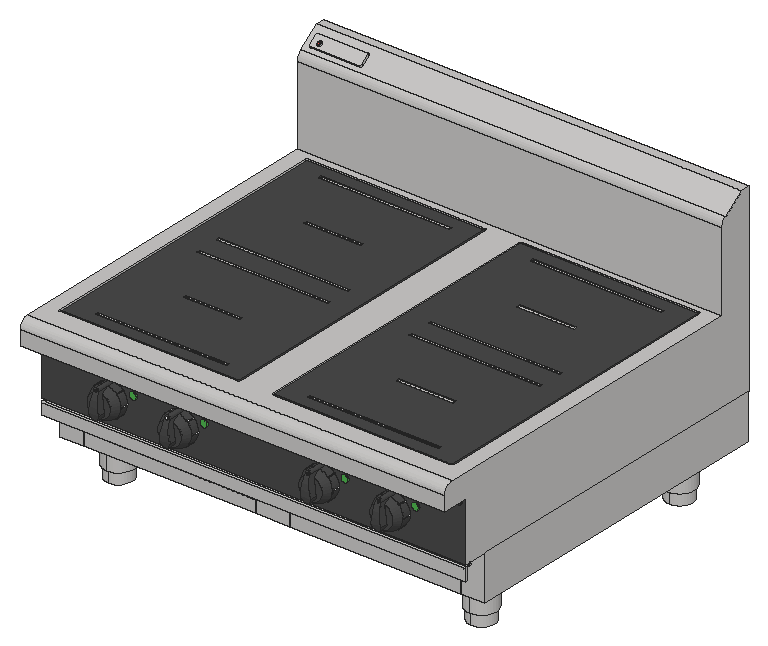
Revit family "QF_Moffat_INB8400R5-B_Induction_Cooktop_cat", category Specialty Equipment, Revit 2019 (continued)
Definition of nested family "Knob"
  Forms (mm)
    Extrusion 2, solid
      sketch origin (32.5, 175.397, 1219.2) x (0, 1, 0) y (0, 0, 1)
        loop
          line (-230.696, -1208.7) -> (-219.397, -1208.7) -> (-219.397, -1161.899) -> (-202.106, -1154.2)
      from -15 to 15
    Extrusion 3, void
      sketch origin (0, 0, 0) x (1, 0, 0) y (0, 0, 1)
        loop
          line (27.501, 64.613) -> (22.02, 20.585)
          arc (22.02, 20.585) -> (32.792, 10.488) -> (42.986, 21.169) r 10.487
          line (42.986, 21.169) -> (37.499, 64.613)
          arc (37.499, 64.613) -> (32.5, 69.5) -> (27.501, 64.613) r 5
        loop
          line (10, 72.977) -> (10, 5.625) -> (55, 5.625) -> (55, 72.977) -> (10, 72.977)
      from 6.142 to 69.687
    Extrusion 4, solid
      sketch origin (0, -34.115, -16.916) x (1, 0, 0) y (0, 0.45399, 0.891007)
        loop
          circle (32.497, 65) r 2
      from 51.525 to 53.075
    Extrusion 5, solid
      sketch origin (32.5, -10, 32.5) x (0, 0, -1) y (-1, 0, 0)
        loop
          line (-23.54, -22.408) -> (-24.106, -22.974)
          arc (-24.106, -22.974) -> (-23.547, -23.547) -> (-22.974, -24.106) r 33.3
          line (-22.974, -24.106) -> (-22.408, -23.54)
          arc (-22.408, -23.54) -> (-22.981, -22.981) -> (-23.54, -22.408) r 32.5
        loop
          arc (-0.8, -33.29) -> (0, -33.3) -> (0.8, -33.29) r 33.3
          line (0.8, -33.29) -> (0.8, -32.49)
          arc (0.8, -32.49) -> (0, -32.5) -> (-0.8, -32.49) r 32.5
          line (-0.8, -32.49) -> (-0.8, -33.29)
        loop
          arc (23.54, -22.408) -> (22.981, -22.981) -> (22.408, -23.54) r 32.5
          line (22.408, -23.54) -> (22.974, -24.106)
          arc (22.974, -24.106) -> (23.547, -23.547) -> (24.106, -22.974) r 33.3
          line (24.106, -22.974) -> (23.54, -22.408)
        loop
          arc (-23.54, 22.408) -> (-22.981, 22.981) -> (-22.408, 23.54) r 32.5
          line (-22.408, 23.54) -> (-22.974, 24.106)
          arc (-22.974, 24.106) -> (-23.547, 23.547) -> (-24.106, 22.974) r 33.3
          line (-24.106, 22.974) -> (-23.54, 22.408)
        loop
          line (-0.8, 33.29) -> (-0.8, 32.49)
          arc (-0.8, 32.49) -> (0, 32.5) -> (0.8, 32.49) r 32.5
          line (0.8, 32.49) -> (0.8, 33.29)
          arc (0.8, 33.29) -> (0, 33.3) -> (-0.8, 33.29) r 33.3
        loop
          line (32.49, -0.8) -> (33.29, -0.8)
          arc (33.29, -0.8) -> (33.3, 0) -> (33.29, 0.8) r 33.3
          line (33.29, 0.8) -> (32.49, 0.8)
          arc (32.49, 0.8) -> (32.5, 0) -> (32.49, -0.8) r 32.5
        loop
          arc (24.106, 22.974) -> (23.547, 23.547) -> (22.974, 24.106) r 33.3
          line (22.974, 24.106) -> (22.408, 23.54)
          arc (22.408, 23.54) -> (22.981, 22.981) -> (23.54, 22.408) r 32.5
          line (23.54, 22.408) -> (24.106, 22.974)
      from 0 to -16.709
  Cuts and joins
    Extrusion 3 cuts Extrusion 2
  Dimensions and locks
    equal spacing: plane 3 "LEFT", plane 7 "Center Y", plane 4 "RIGHT"
    "Length": plane 3 "LEFT" to plane 4 "RIGHT"
    equal spacing: plane 5 "FRONT", plane 8 "Center X", plane 1 "BACK"
    "Depth": plane 5 "FRONT" to plane 1 "BACK"
    "Height": plane 6 "TOP" to level
    plane 4 "RIGHT" to plane 3 "LEFT" = 65 mm
    aligned and locked: level to plane 2
  Automatic sketch dimensions
    Revolve 1 sketch curve to level = 0 mm
    Revolve 1 sketch curve to plane 1 "BACK" = 0 mm  (x2)
    plane 1 "BACK" to Revolve 1 sketch curve = 10 mm
    plane 8 "Center X" to Revolve 1 sketch curve = 2.791 mm
    Revolve 1 sketch curve to plane 8 "Center X" = 14.5 mm
    level to Revolve 1 sketch curve = 7.699 mm
    level to Revolve 1 sketch curve = 27.5 mm
    Revolve 1 sketch curve to Revolve 1 sketch curve = 5 mm
    Revolve 1 sketch curve to Revolve 1 sketch curve = 35 mm
    Revolve 1 sketch curve to Revolve 1 sketch curve = 0 mm
    Extrusion 2 sketch curve to plane 6 "TOP" = 0 mm
    Extrusion 2 sketch curve to plane 5 "FRONT" = 3.702 mm
    Extrusion 2 sketch curve to plane 5 "FRONT" = 10.293 mm
    Extrusion 2 sketch curve to Extrusion 2 sketch curve = 11.298 mm
    plane 8 "Center X" to Extrusion 2 sketch curve = 2.791 mm
    plane 1 "BACK" to Extrusion 2 sketch curve = 10 mm
    Extrusion 2 sketch curve to plane 1 "BACK" = 11 mm
    Extrusion 2 sketch curve to plane 6 "TOP" = 4.5 mm
    Extrusion 2 sketch curve to plane 6 "TOP" = 12.199 mm
    level to Extrusion 2 sketch curve = 32.962 mm
    level to Extrusion 3 sketch curve = 5.625 mm
    Extrusion 3 sketch curve to plane 7 "Center Y" = 0 mm  (x2)
    Extrusion 3 sketch curve to plane 7 "Center Y" = 4.999 mm
    Extrusion 3 sketch curve to plane 7 "Center Y" = 10.48 mm
    plane 6 "TOP" to Extrusion 3 sketch curve = 3.477 mm
    plane 3 "LEFT" to Extrusion 3 sketch curve = 10 mm
    Extrusion 3 sketch curve to plane 6 "TOP" = 4.887 mm
    Extrusion 3 sketch curve to Extrusion 3 sketch curve = 4.999 mm
    plane 7 "Center Y" to Extrusion 3 sketch curve = 10.486 mm
    level to Extrusion 3 sketch curve = 20.585 mm
    Extrusion 3 sketch curve to Extrusion 3 sketch curve = 0.387 mm
    Extrusion 3 sketch curve to Extrusion 3 sketch curve = 0.113 mm
    plane 4 "RIGHT" to Extrusion 3 sketch curve = 10 mm
    Extrusion 5 sketch curve to Revolve 1 = 32.49 mm
    Revolve 1 to Extrusion 5 sketch curve = 32.49 mm
    Extrusion 5 sketch curve to Revolve 1 = 23.54 mm  (x2)
    Revolve 1 to Extrusion 5 sketch curve = 23.54 mm  (x2)
    Extrusion 5 sketch curve to Revolve 1 = 24.106 mm  (x2)
    Revolve 1 to Extrusion 5 sketch curve = 24.106 mm  (x2)
    Revolve 1 to Extrusion 5 sketch curve = 22.408 mm  (x2)
    Extrusion 5 sketch curve to Revolve 1 = 22.408 mm  (x2)
    Revolve 1 to Extrusion 5 sketch curve = 22.974 mm  (x2)
    Extrusion 5 sketch curve to Revolve 1 = 22.974 mm  (x2)
    Extrusion 5 sketch curve to Extrusion 5 sketch curve = 1.6 mm  (x2)
    Revolve 1 to Extrusion 5 sketch curve = 0.8 mm
    Extrusion 5 sketch curve to Revolve 1 = 0.8 mm
    Extrusion 4 sketch curve to plane 7 "Center Y" = 0.003 mm
    radius of Extrusion 5 sketch curve to Revolve 1 = 0 mm  (x7)
    radius of Revolve 1 to Extrusion 5 sketch curve = 0.8 mm  (x7)
    radius of Extrusion 4 sketch curve = 2 mm
Types (2, lengths in mm): name | Volts | Cycle | Apparent Power
  INB8400R5-B_415/60/3 | 415 V | 60 Hz | 20102.6 VA
  INB8400R5-B_400/50/3 | 400 V | 50 Hz | 19376 VA
